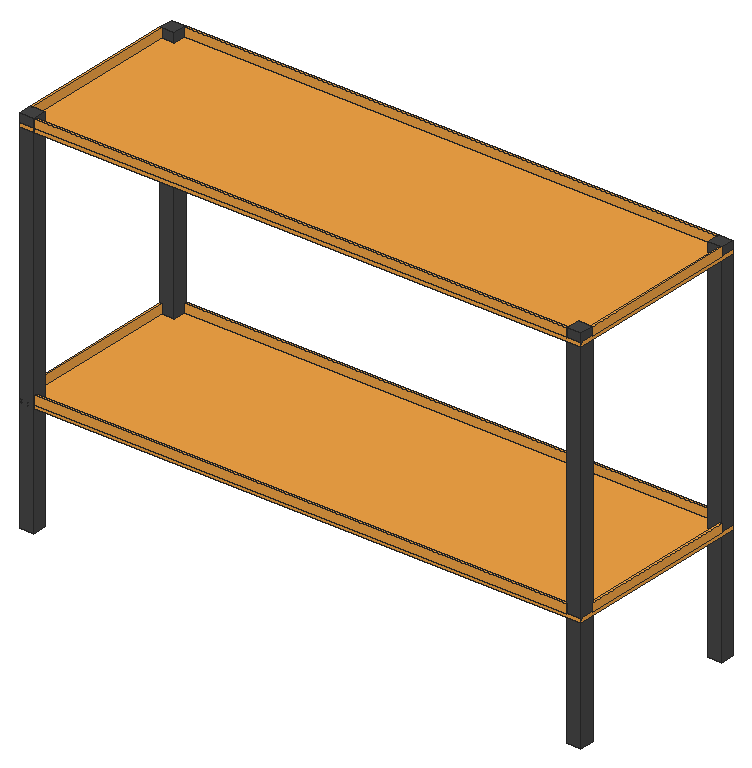
Revit family "Detention_Bunk-FloorMnt", category Casework, Revit 2026
Family settings
  Classification Number = 23.40.70.31.17
  Work Plane-Based = No
  Always vertical = Yes
  Cut with Voids When Loaded = No
  Shared = No
  Room Calculation Point = No
Parameters (values of type "Detention_Bunk")
  Width = 6' - 8"
  Warranty Duration (Years) = 5
  Test Data = ""
  Specification = "http://www.arcat.com/divs/sec/sec11190.shtml"
  Sales Information = ""
  Product Properties = "http://www.arcat.com/bim/bim_info.pl?fn=Detention_Bunk-FloorMnt"
  Product Data = "http://www.arcat.com/divs/sec/sec11190.shtml"
  Model = "Generic"  # constant formula
  Manufacturer Website = "http://www.arcat.com/"
  Manufacturer Phone - Toll Free = ""
  Manufacturer Phone = "(203) 929-9444"  # constant formula
  Manufacturer Fax = "(203) 939-2444"  # constant formula
  Manufacturer Email = "bim@arcat.com"  # constant formula
  Manufacturer Address = "1077 Bridgeport Ave, Shelton, CT  06484"  # constant formula
  Manufacturer = "Generic"  # constant formula
  Maintenance Schedule (Months) = 12
  Keynote = "11190"
  Installation_Fabricaton = ""
  Installation Phase = ""
  Height = 4' - 5"
  Hardware Material = Metal - Brass
  Green Building-LEED = "http://www.arcat.com/green/green_building.shtml"
  Frame Material = Metal - Steel, Painted, Black
  Expected Lifespan (Years) = 10
  Drawn By = "Robert S. Weygant. CSI, CDT, SCIP"  # constant formula
  Description = "Detention Bunk - Floor Mounted, Double Occupant"
  Depth = 2' - 3"
  Default Elevation = 0' - 0"
  Copyright = "2008, ARCAT, Inc."  # constant formula
  Construction Details = "http://www.arcat.com/divs/sec/sec11190.shtml"
  Bunk Surface Material = Metal - Steel, Painted, Orange
  Building Codes = ""
  Assembly Code = "E1020600"
Reference planes (in)
  plane 1 "Center (Front/Back)": y = 0
  plane 2: z = 0
  plane 3 "Center (Left/Right)": x = 0
  plane 4: y = 13.5
  plane 5: y = -13.5
  plane 6: x = -40
  plane 7: x = 40
  plane 8: z = 53
  plane 9: z = 16
Forms (in)
  Extrusion 1, solid, material "Metal - Steel, Painted, Black" <- "Frame Material"
    sketch origin (0, 0, 0) x (1, 0, 0) y (0, 1, 0)
      loop
        line (-38, -13.5) -> (-38, -11.5) -> (-40, -11.5) -> (-40, -13.5) -> (-38, -13.5)
      loop
        line (-38, 11.5) -> (-38, 13.5) -> (-40, 13.5) -> (-40, 11.5) -> (-38, 11.5)
      loop
        line (38, 11.5) -> (40, 11.5) -> (40, 13.5) -> (38, 13.5) -> (38, 11.5)
      loop
        line (38, -13.5) -> (40, -13.5) -> (40, -11.5) -> (38, -11.5) -> (38, -13.5)
    from 0 to 53
  Extrusion 2, solid, material "Metal - Steel, Painted, Orange" <- "Bunk Surface Material"
    sketch origin (0, 0, 16) x (1, 0, 0) y (0, 1, 0)
      loop
        line (-40, 13.5) -> (-40, -13.5) -> (40, -13.5) -> (40, 13.5) -> (-40, 13.5)
    from 0 to 0.5
  Extrusion 3, solid, material "Metal - Steel, Painted, Orange" <- "Bunk Surface Material"
    sketch origin (0, -13.25, 1.75094) x (1, 0, 0) y (0, 0, 1)
      loop
        line (-38, 16) -> (-38, 14.74906) -> (38, 14.74906) -> (38, 16) -> (-38, 16)
    from 0 to 0.25
  Extrusion 4, solid, material "Metal - Steel, Painted, Orange" <- "Bunk Surface Material"
    sketch origin (0, 13.25, 1.75094) x (1, 0, 0) y (0, 0, -1)
      loop
        line (-38, -16) -> (38, -16) -> (38, -14.74906) -> (-38, -14.74906) -> (-38, -16)
    from 0 to 0.25
  Extrusion 5, solid, material "Metal - Steel, Painted, Orange" <- "Bunk Surface Material"
    sketch origin (40, 26.5, 1.75094) x (0, -1, 0) y (0, 0, 1)
      loop
        line (15, 16) -> (15, 14.74906) -> (38, 14.74906) -> (38, 16) -> (15, 16)
    from 0 to 0.25
  Extrusion 6, solid, material "Metal - Steel, Painted, Orange" <- "Bunk Surface Material"
    sketch origin (-40, 26.5, 1.75094) x (0, -1, 0) y (0, 0, -1)
      loop
        line (15, -16) -> (38, -16) -> (38, -14.74906) -> (15, -14.74906) -> (15, -16)
    from 0 to 0.25
  Extrusion 7, solid, material "Metal - Steel, Painted, Orange" <- "Bunk Surface Material"
    sketch origin (0, 0, 51.24906) x (1, 0, 0) y (0, 1, 0)
      loop
        line (-40, 13.5) -> (-40, -13.5) -> (40, -13.5) -> (40, 13.5) -> (-40, 13.5)
    from 0 to 0.5
  Extrusion 8, solid, material "Metal - Steel, Painted, Orange" <- "Bunk Surface Material"
    sketch origin (0, -13.25, 37) x (1, 0, 0) y (0, 0, 1)
      loop
        line (-38, 16) -> (-38, 14.74906) -> (38, 14.74906) -> (38, 16) -> (-38, 16)
    from 0 to 0.25
  Extrusion 9, solid, material "Metal - Steel, Painted, Orange" <- "Bunk Surface Material"
    sketch origin (-40, 26.5, 37) x (0, -1, 0) y (0, 0, -1)
      loop
        line (15, -16) -> (38, -16) -> (38, -14.74906) -> (15, -14.74906) -> (15, -16)
    from 0 to 0.25
  Extrusion 10, solid, material "Metal - Steel, Painted, Orange" <- "Bunk Surface Material"
    sketch origin (0, 13.25, 37) x (1, 0, 0) y (0, 0, -1)
      loop
        line (-38, -16) -> (38, -16) -> (38, -14.74906) -> (-38, -14.74906) -> (-38, -16)
    from 0 to 0.25
  Extrusion 11, solid, material "Metal - Steel, Painted, Orange" <- "Bunk Surface Material"
    sketch origin (40, 26.5, 37) x (0, -1, 0) y (0, 0, 1)
      loop
        line (15, 16) -> (15, 14.74906) -> (38, 14.74906) -> (38, 16) -> (15, 16)
    from 0 to 0.25
Dimensions and locks (in)
  "Depth": plane 4 to plane 5
  "Height": plane 8 to level
  "Width": plane 6 to plane 7
  equal spacing: plane 6, plane 3 "Center (Left/Right)", plane 7
  equal spacing: plane 4, plane 1 "Center (Front/Back)", plane 5
  locked: Extrusion 6 to Extrusion 6 at 0.25
  locked: Extrusion 5 to Extrusion 5 at 0.25
  locked: Extrusion 4 to Extrusion 4 at 0.25
  locked: Extrusion 3 to Extrusion 3 at 0.25
  locked: Extrusion 10 to Extrusion 10 at 0.25
  locked: Extrusion 8 to Extrusion 8 at 0.25
  locked: Extrusion 11 to Extrusion 11 at 0.25
  locked: Extrusion 9 to Extrusion 9 at 0.25
  locked: plane 8 to Extrusion 7 at 1.75094
  locked: plane 8 to plane 9 at 37
  locked: Extrusion 3 to Extrusion 2 at 1.75094
  aligned and locked: Extrusion 5 to plane 7
  aligned and locked: plane 7 to Extrusion 5
  aligned and locked: plane 6 to Extrusion 6
  aligned and locked: Extrusion 6 to plane 6
  aligned and locked: plane 4 to Extrusion 4  (x2)
  aligned and locked: plane 5 to Extrusion 3  (x2)
  aligned and locked: plane 4 to Extrusion 10
  aligned and locked: plane 5 to Extrusion 8
  aligned and locked: plane 6 to Extrusion 9
  aligned and locked: plane 7 to Extrusion 11
  aligned and locked: Extrusion 7 to Extrusion 8
  aligned and locked: plane 8 to Extrusion 1  (x4)
  aligned and locked: Extrusion 2 to Extrusion 3
Automatic sketch dimensions
  Extrusion 1 sketch curve to plane 4 = 0' - 0"  (x2)
  Extrusion 1 sketch curve to plane 6 = 0' - 0"  (x2)
  Extrusion 1 sketch curve to plane 5 = 0' - 0"  (x2)
  Extrusion 1 sketch curve to plane 7 = 0' - 0"  (x2)
  Extrusion 1 sketch curve to plane 6 = 0' - 2"  (x2)
  Extrusion 1 sketch curve to Extrusion 1 sketch curve = 0' - 2"  (x4)
  Extrusion 1 sketch curve to plane 4 = 0' - 2"  (x2)
  Extrusion 2 sketch curve to plane 5 = 0' - 0"
  Extrusion 2 sketch curve to plane 6 = 0' - 0"
  Extrusion 2 sketch curve to plane 7 = 0' - 0"
  Extrusion 2 sketch curve to plane 4 = 0' - 0"
  plane 9 to Extrusion 3 sketch curve = 0' - 0 1/2"
  Extrusion 3 sketch curve to plane 6 = 0' - 2"
  plane 7 to Extrusion 3 sketch curve = 0' - 2"
  Extrusion 3 sketch curve to Extrusion 3 sketch curve = 0' - 1.25094"
  plane 9 to Extrusion 4 sketch curve = 0' - 0 1/2"
  Extrusion 4 sketch curve to plane 6 = 0' - 2"
  plane 7 to Extrusion 4 sketch curve = 0' - 2"
  Extrusion 4 sketch curve to Extrusion 4 sketch curve = 0' - 1.25094"
  plane 9 to Extrusion 5 sketch curve = 0' - 0 1/2"
  Extrusion 5 sketch curve to plane 4 = 0' - 2"
  plane 5 to Extrusion 5 sketch curve = 0' - 2"
  Extrusion 5 sketch curve to Extrusion 5 sketch curve = 0' - 1.25094"
  plane 9 to Extrusion 6 sketch curve = 0' - 0 1/2"
  Extrusion 6 sketch curve to plane 4 = 0' - 2"
  plane 5 to Extrusion 6 sketch curve = 0' - 2"
  Extrusion 6 sketch curve to Extrusion 6 sketch curve = 0' - 1.25094"
  Extrusion 7 sketch curve to plane 5 = 0' - 0"
  Extrusion 7 sketch curve to plane 6 = 0' - 0"
  Extrusion 7 sketch curve to plane 7 = 0' - 0"
  Extrusion 7 sketch curve to plane 4 = 0' - 0"
  Extrusion 8 sketch curve to plane 8 = 0' - 0"
  Extrusion 8 sketch curve to plane 6 = 0' - 2"
  plane 7 to Extrusion 8 sketch curve = 0' - 2"
  Extrusion 8 sketch curve to plane 8 = 0' - 1.25094"
  Extrusion 9 sketch curve to plane 8 = 0' - 0"
  Extrusion 9 sketch curve to plane 4 = 0' - 2"
  plane 5 to Extrusion 9 sketch curve = 0' - 2"
  Extrusion 9 sketch curve to Extrusion 9 sketch curve = 0' - 1.25094"
  Extrusion 10 sketch curve to plane 8 = 0' - 0"
  Extrusion 10 sketch curve to plane 6 = 0' - 2"
  plane 7 to Extrusion 10 sketch curve = 0' - 2"
  Extrusion 10 sketch curve to plane 8 = 0' - 1.25094"
  Extrusion 11 sketch curve to plane 8 = 0' - 0"
  Extrusion 11 sketch curve to plane 4 = 0' - 2"
  plane 5 to Extrusion 11 sketch curve = 0' - 2"
  Extrusion 11 sketch curve to Extrusion 11 sketch curve = 0' - 1.25094"
